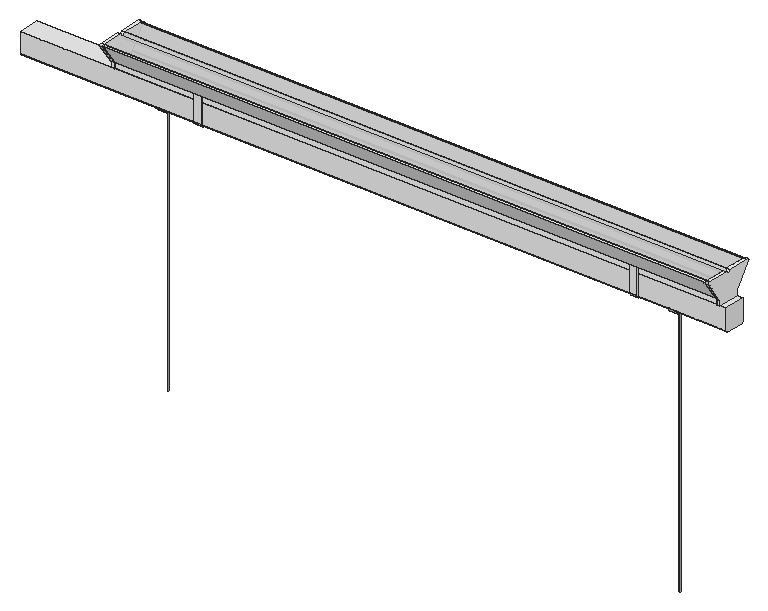
Revit family "0042289 Lighting Fixture_Sylvania_HSX Syl-Line_Ceiling Pendant", category Lighting Fixtures, host Face, Revit 2017
Family settings
  Host = Face
  Round Connector Dimension = Use Diameter
  Part Type = Normal
  OmniClass Number = 23.80.70.11.17
  OmniClass Title = Specialized Lighting by Location or Use
  Cut with Voids When Loaded = No
  Light Source = Yes
  Shared = No
  Room Calculation Point = No
Parameters (values of type "HSXSYL  LED NW DALI 1720 EM WB")
  Width = 164.0 mm
  Weight = 6.50 kg
  Wattage = 10.4516 W
  built-in parameter 1150110 = 1 (stored number, unit not read)
  Voltage Comments = "UNV (Universal Voltage; 220-240 Volt)"  # constant formula
  Voltage = 230 V  # constant formula
  URL = "http://www.sylvania-lighting.com"
  Trucking Material = Steel_Sylvania_HSX Syl-Line_White
  built-in parameter 1114217 = 1 (stored number, unit not read)
  Tilt Angle = -90.00°
  built-in parameter 1150109 = 1 (stored number, unit not read)
  built-in parameter 1150134 = 12
  Ta Rating = "-10°C to +25°C"  # constant formula
  T Class Min = -10 °C
  T Class Max = 25 °C
  built-in parameter 1150113 = 1 (stored number, unit not read)
  Product Page URL = "http://www.sylvania-lighting.com/product/en-int/products/0042289"
  Product Family = "HSX SYL-LINE"  # constant formula
  Photometry Comments = ""
  Photometric Web File = "0042289_HSXSYLLEDNWDALI1720EMWB-192721.ies"
  Mounting Material = Steel_Sylvania_HSX Syl-Line_White
  Mounting Height = 1000.0 mm
  Mounting Distance = Mounting Height - Height  # 832.5 mm
  Line End Right = 20.0 mm
  Line End Left = 300.0 mm
  Life = "50 000h"  # constant formula
  Length = 2000.0 mm
  LOR = "100%"
  Inrush Current (max. quantity per 16A C breaker) = "10"
  IP Rating = "IP20"  # constant formula
  IK Rating = "IK02"  # constant formula
  Height = 167.5 mm
  Glow Wire Test = 650 °C  # constant formula
  Emit from Line Length = Length - 20.0 mm  # 1980.0 mm
  Electrical Protection = "CLASS I"  # constant formula
  Drive Current = "350mA"
  built-in parameter 1114216 [instance] = 1 (stored number, unit not read)
  Cap Material = Plastic_Sylvania_HSX Syl-Line_White
  Model = "HSXSYL  LED NW DALI 1720 EM WB"
  Manufacturer = "Feilo Sylvania"
  built-in parameter 1150105 = 341.47 (stored number, unit not read)
  Lumens = 972 lm
  built-in parameter 1150115 = 1 (stored number, unit not read)
  built-in parameter 1150137 = (empty or 0)
  built-in parameter 1150139 = (empty or 0)
  built-in parameter 1150112 = 1 (stored number, unit not read)
  built-in parameter 1150114 = 1 (stored number, unit not read)
  Lamp = "Integrated LED"
  built-in parameter 1150132 = 2
  built-in parameter 1150102 = (empty or 0)
  built-in parameter 1150107 = 4000 (stored number, unit not read)
  built-in parameter 1150138 = (empty or 0)
  built-in parameter 1150106 = 3.4147 (stored number, unit not read)
  CRI (Ra) = "<80"
  Bracket Width = Width - 93.4 mm  # 70.6 mm
  Bracket Height = Height - 73.5 mm  # 94.0 mm
  Body Material = Plastic_Sylvania_HSX Syl-Line_White
  built-in parameter 1150104 = 8.64 (stored number, unit not read)
  Dimming Lamp Color Temperature Shift = <None>
  Diffuser Material = Polycarbonate_Sylvania_HSX Syl-Line_4000K
  Description = "72W and 75W LED surface and suspended luminaires HSX Syl-Line is perfect for retail, industry, manufacturing, airports or data centres Extended offering of alternative optics for Syl-Line trunking Available with a white sheet steel reflector and a PMMA Diffuser Available in 1,720mm (same length as standard Syl-Line gear trays and trunking) High performance: delivers 6,660lm (luminaire lumen output on 72W version), equating to 93lm/W (total system efficiency) Available in neutral white (4,000K) Integrated LED solution that has the same aesthetics as the fluorescent version (non dotting) Energy efficient electronic gear including Analogue 1-10V dimmable, DALI dimmable and 3 hour emergency versions as standard Ease of installation through the plug connector Innovative clip design allows quick and simple installation of the electrical unit (average installation time of the gear tray at just over a minute) Energy class: A++, A+, A Long lifetime: 50,000 hours life at 70% of the original output L70"  # constant formula
  Default Elevation = 0.0 mm
  Color Filter = 16777215
  Catalog Number = "0042289 HSXSYL  LED NW DALI 1720 EM WB"
  built-in parameter 1140040 [instance] = 1
  built-in parameter 1114218 = 1 (stored number, unit not read)
  built-in parameter 1150133 = 10 (stored number, unit not read)
  Assembly Code = "D5020200"
  Apparent Load = 75 VA
Reference planes
  plane 1 "Center (Front/Back)": y = 0
  plane 2 "Trucking Top": z = 838.5
  plane 3 "Center (Left/Right)": x = 0
  plane 4 "Fixture Bottom": z = 1000
  plane 5: y = 34.283
  plane 6: y = -34.283
  plane 7 "Fixture Left": x = -1000
  plane 8 "Fixture Right": x = 1000
  plane 9: x = 990
  plane 10: x = -990
  plane 11: y = -82
  plane 12: y = 82
  plane 13: z = 987.5
  plane 14: z = 931.5
  plane 15 "Trucking Bottom": z = 911
  plane 16: y = 38.283
  plane 17: y = -38.283
  plane 18: z = 993.039
  plane 19: y = 7.5
  plane 20: y = -7.5
  plane 21: x = -1300
  plane 22: x = 1020
  plane 23: x = 728
  plane 24: x = -728
  plane 25: x = 853
  plane 26: x = -853
  plane 27 "Fixture Top": z = 832.5
  plane 28: z = 0
Forms (mm)
  Extrusion 1, solid, material "Plastic_Sylvania_HSX Syl-Line_White" <- "Cap Material", detail levels fine
    sketch origin (0, 0, 0) x (0, 1, 0) y (0, 0, 1)
      loop
        line (38.283, 931.5) -> (81.006, 993.776)
        arc (81.006, 993.776) -> (81.229, 997.88) -> (77.707, 1000) r 3.986
        line (77.707, 1000) -> (7.5, 1000) -> (0, 987.5) -> (-7.5, 1000) -> (-77.707, 1000)
        arc (-77.707, 1000) -> (-81.229, 997.88) -> (-81.006, 993.776) r 3.986
        line (-81.006, 993.776) -> (-38.283, 931.5) -> (-34.283, 931.5) -> (-34.283, 911) -> (34.283, 911) -> (34.283, 931.5) -> (38.283, 931.5)
    from 990 to 1000
  Extrusion 2, solid, material "Plastic_Sylvania_HSX Syl-Line_White" <- "Cap Material", detail levels fine
    sketch origin (0, 0, 0) x (0, 1, 0) y (0, 0, 1)
      loop
        line (38.283, 931.5) -> (81.006, 993.776)
        arc (81.006, 993.776) -> (81.229, 997.88) -> (77.707, 1000) r 3.986
        line (77.707, 1000) -> (7.5, 1000) -> (0, 987.5) -> (-7.5, 1000) -> (-77.707, 1000)
        arc (-77.707, 1000) -> (-81.229, 997.88) -> (-81.006, 993.776) r 3.986
        line (-81.006, 993.776) -> (-38.283, 931.5) -> (-34.283, 931.5) -> (-34.283, 911) -> (34.283, 911) -> (34.283, 931.5) -> (38.283, 931.5)
    from -1000 to -990
  Extrusion 3, solid, material "Plastic_Sylvania_HSX Syl-Line_White" <- "Body Material", detail levels coarse+medium
    sketch origin (0, 0, 0) x (0, 1, 0) y (0, 0, 1)
      loop
        line (38.283, 931.5) -> (81.006, 993.776)
        arc (81.006, 993.776) -> (81.229, 997.88) -> (77.707, 1000) r 3.986
        line (77.707, 1000) -> (7.5, 1000) -> (0, 987.5) -> (-7.5, 1000) -> (-77.707, 1000)
        arc (-77.707, 1000) -> (-81.229, 997.88) -> (-81.006, 993.776) r 3.986
        line (-81.006, 993.776) -> (-38.283, 931.5) -> (-34.283, 931.5) -> (-34.283, 911) -> (34.283, 911) -> (34.283, 931.5) -> (38.283, 931.5)
    from -1000 to 990
  Extrusion 4, solid, material "Plastic_Sylvania_HSX Syl-Line_White" <- "Body Material", detail levels fine
    sketch origin (0, 0, 0) x (0, 1, 0) y (0, 0, 1)
      loop
        line (37.757, 932.5) -> (80.18, 994.339)
        arc (80.18, 994.339) -> (80.345, 997.413) -> (77.707, 999) r 2.986
        line (77.707, 999) -> (74, 999) -> (74, 998) -> (77.707, 998)
        arc (77.707, 998) -> (79.461, 996.946) -> (79.353, 994.902) r 1.986
        line (79.353, 994.902) -> (37.23, 933.5) -> (32.283, 933.5) -> (32.283, 912) -> (-32.283, 912) -> (-32.283, 933.5) -> (-37.23, 933.5) -> (-79.353, 994.902)
        arc (-79.353, 994.902) -> (-79.461, 996.946) -> (-77.707, 998) r 1.986
        line (-77.707, 998) -> (-74, 998) -> (-74, 999) -> (-77.707, 999)
        arc (-77.707, 999) -> (-80.345, 997.413) -> (-80.18, 994.339) r 2.986
        line (-80.18, 994.339) -> (-37.757, 932.5) -> (-33.283, 932.5) -> (-33.283, 911) -> (33.283, 911) -> (33.283, 932.5) -> (37.757, 932.5)
    from -990 to 990
  Extrusion 5, solid, material "Polycarbonate_Sylvania_HSX Syl-Line_4000K" <- "Diffuser Material", detail levels fine
    sketch origin (0, 0, 0) x (0, 1, 0) y (0, 0, 1)
      loop
        line (74, 999) -> (8.066, 999) -> (0, 985.556) -> (-8.066, 999) -> (-74, 999) -> (-74, 998) -> (-8.632, 998) -> (0, 983.613) -> (8.632, 998) -> (74, 998) -> (74, 999)
    from -990 to 990
  Extrusion 6, solid, material "Steel_Sylvania_HSX Syl-Line_White" <- "Trucking Material"
    sketch origin (0, 0, 0) x (0, 1, 0) y (0, 0, 1)
      loop
        line (34.283, 844.5) -> (34.283, 911) -> (-34.283, 911) -> (-34.283, 844.5) -> (-28.283, 838.5) -> (28.283, 838.5) -> (34.283, 844.5)
    from -1300 to 1020
Lines and regions (mm)
  model lines, detail levels coarse+medium
    curve 1: line (-840.5, 0, 838.5) -> (-840.5, 0, 0)
    curve 2: line (840.5, 0, 838.5) -> (840.5, 0, 0)
Dimensions and locks
  equal spacing: plane 7 "Fixture Left", plane 3 "Center (Left/Right)", plane 8 "Fixture Right"
  "Length": plane 7 "Fixture Left" to plane 8 "Fixture Right"
  locked: plane 7 "Fixture Left" to plane 10 at 10
  locked: plane 9 to plane 8 "Fixture Right" at 10
  equal spacing: plane 12, plane 1 "Center (Front/Back)", plane 11
  "Width": plane 12 to plane 11
  plane 15 "Trucking Bottom" to plane 14 to plane 13 to plane 18 to plane 4 "Fixture Bottom" = 20.5 mm locked, 56.0 mm locked, 5.539 mm locked, 6.961 mm locked
  plane 12 to plane 16 to plane 5 to plane 19 = 43.717 mm locked, 4.0 mm locked, 26.783 mm locked
  plane 11 to plane 17 to plane 6 to plane 20 = 43.717 mm locked, 4.0 mm locked, 26.783 mm locked
  locked: Extrusion 5 sketch curve to plane 11 at 8
  locked: plane 12 to Extrusion 5 sketch curve at 8
  locked: Extrusion 4 sketch curve to plane 11 at 8
  locked: plane 12 to Extrusion 4 sketch curve at 8
  locked: Extrusion 6 sketch curve to plane 2 "Trucking Top" at 6  (x2)
  locked: Extrusion 6 sketch curve to plane 6 at 6
  locked: plane 5 to Extrusion 6 sketch curve at 6
  "Line End Left": plane 21 to plane 7 "Fixture Left"
  "Line End Right": plane 8 "Fixture Right" to plane 22
  plane 23 to plane 25 to plane 9 = 125.0 mm locked, 137.0 mm locked
  plane 10 to plane 26 to plane 24 = 137.0 mm locked, 125.0 mm locked
  locked: plane 2 "Trucking Top" to plane 27 "Fixture Top" at 6
  "Height": plane 27 "Fixture Top" to plane 4 "Fixture Bottom"
  "Mounting Height": plane 28 to plane 4 "Fixture Bottom"
  aligned and locked: level to host face
  aligned and locked: imposter light to plane 1 "Center (Front/Back)"
  aligned and locked: plane 3 "Center (Left/Right)" to imposter light
  aligned and locked: imposter light to plane 4 "Fixture Bottom"
  aligned and locked: plane 14 to Extrusion 1 sketch curve
  aligned and locked: Extrusion 1 sketch curve to plane 16
  aligned and locked: plane 15 "Trucking Bottom" to Extrusion 1 sketch curve
  aligned and locked: Extrusion 1 sketch curve to plane 5
  aligned and locked: Extrusion 1 sketch curve to plane 6
  aligned and locked: Extrusion 1 sketch curve to plane 14
  aligned and locked: plane 1 "Center (Front/Back)" to Extrusion 1 sketch curve
  aligned and locked: plane 13 to Extrusion 1 sketch curve
  aligned and locked: plane 4 "Fixture Bottom" to Extrusion 1 sketch curve  (x2)
  aligned and locked: Extrusion 1 sketch curve to plane 19
  aligned and locked: plane 20 to Extrusion 1 sketch curve
  aligned and locked: Extrusion 1 to plane 8 "Fixture Right"
  aligned and locked: plane 9 to Extrusion 1
  aligned and locked: Extrusion 2 to plane 7 "Fixture Left"
  aligned and locked: plane 10 to Extrusion 2
  aligned and locked: Extrusion 3 to plane 7 "Fixture Left"
  aligned and locked: plane 15 "Trucking Bottom" to Extrusion 4 sketch curve
  aligned and locked: Extrusion 4 to plane 9
  aligned and locked: Extrusion 4 to plane 10
  aligned and locked: plane 5 to Extrusion 6 sketch curve
  aligned and locked: plane 6 to Extrusion 6 sketch curve
  aligned and locked: plane 2 "Trucking Top" to Extrusion 6 sketch curve
  aligned and locked: plane 15 "Trucking Bottom" to Extrusion 6 sketch curve
  aligned and locked: Extrusion 6 to plane 21
  aligned and locked: Extrusion 6 to plane 22
  aligned and locked: plane 1 "Center (Front/Back)" to nested 1
  aligned and locked: nested 1 to plane 14
  aligned and locked: plane 23 to nested 1
  aligned and locked: Extrusion 3 to plane 9
  aligned and locked: Extrusion 5 to plane 9
  aligned and locked: Extrusion 5 to plane 10
  aligned and locked: plane 24 to nested 2
  aligned and locked: nested 1 to plane 23
  aligned and locked: plane 2 "Trucking Top" to nested 2
  aligned and locked: plane 25 to nested 3
  aligned and locked: plane 26 to nested 4
  aligned and locked: plane 27 "Fixture Top" to nested 4
  aligned and locked: plane 27 "Fixture Top" to nested 3
  aligned and locked: plane 28 to level
  aligned and locked: level to curve 1
  aligned and locked: plane 2 "Trucking Top" to curve 1
  aligned and locked: curve 1 to plane 1 "Center (Front/Back)"
  aligned and locked: nested 3 to curve 2
  aligned and locked: plane 2 "Trucking Top" to curve 2
  aligned and locked: plane 28 to curve 2
Automatic sketch dimensions
  host sketch curve to host sketch curve = 2549.992 mm
  host sketch curve to host sketch curve = 1283.632 mm
  Extrusion 1 sketch curve to plane 17 = 0.0 mm
  Extrusion 1 sketch curve to plane 18 = 0.737 mm  (x2)
  Extrusion 1 sketch curve to plane 11 = 4.293 mm
  Extrusion 1 sketch curve to plane 11 = 0.994 mm
  Extrusion 1 sketch curve to plane 12 = 4.293 mm
  Extrusion 1 sketch curve to plane 12 = 0.994 mm
  plane 4 "Fixture Bottom" to Extrusion 2 sketch curve = 0.0 mm  (x2)
  plane 14 to Extrusion 2 sketch curve = 0.0 mm  (x2)
  Extrusion 2 sketch curve to plane 17 = 0.0 mm
  Extrusion 2 sketch curve to plane 6 = 0.0 mm
  Extrusion 2 sketch curve to plane 20 = 0.0 mm
  Extrusion 2 sketch curve to plane 1 "Center (Front/Back)" = 0.0 mm
  Extrusion 2 sketch curve to plane 19 = 0.0 mm
  Extrusion 2 sketch curve to plane 5 = 0.0 mm
  Extrusion 2 sketch curve to plane 16 = 0.0 mm
  plane 15 "Trucking Bottom" to Extrusion 2 sketch curve = 0.0 mm
  Extrusion 2 sketch curve to plane 13 = 0.0 mm
  Extrusion 2 sketch curve to plane 11 = 4.293 mm
  Extrusion 2 sketch curve to plane 18 = 0.737 mm  (x2)
  Extrusion 2 sketch curve to plane 11 = 0.994 mm
  Extrusion 2 sketch curve to plane 12 = 4.293 mm
  Extrusion 2 sketch curve to plane 12 = 0.994 mm
  plane 4 "Fixture Bottom" to Extrusion 3 sketch curve = 0.0 mm  (x2)
  plane 14 to Extrusion 3 sketch curve = 0.0 mm  (x2)
  Extrusion 3 sketch curve to plane 17 = 0.0 mm
  Extrusion 3 sketch curve to plane 6 = 0.0 mm
  Extrusion 3 sketch curve to plane 20 = 0.0 mm
  Extrusion 3 sketch curve to plane 1 "Center (Front/Back)" = 0.0 mm
  Extrusion 3 sketch curve to plane 19 = 0.0 mm
  Extrusion 3 sketch curve to plane 5 = 0.0 mm
  Extrusion 3 sketch curve to plane 16 = 0.0 mm
  plane 15 "Trucking Bottom" to Extrusion 3 sketch curve = 0.0 mm
  Extrusion 3 sketch curve to plane 13 = 0.0 mm
  Extrusion 3 sketch curve to plane 11 = 4.293 mm
  Extrusion 3 sketch curve to plane 18 = 0.737 mm  (x2)
  Extrusion 3 sketch curve to plane 11 = 0.994 mm
  Extrusion 3 sketch curve to plane 12 = 4.293 mm
  Extrusion 3 sketch curve to plane 12 = 0.994 mm
  Extrusion 4 sketch curve to plane 14 = 1.0 mm  (x2)
  Extrusion 4 sketch curve to plane 16 = 0.527 mm
  plane 4 "Fixture Bottom" to Extrusion 4 sketch curve = 1.0 mm  (x2)
  Extrusion 4 sketch curve to plane 17 = 0.527 mm
  plane 6 to Extrusion 4 sketch curve = 1.0 mm
  Extrusion 4 sketch curve to plane 5 = 1.0 mm
  Extrusion 4 sketch curve to plane 11 = 1.82 mm
  Extrusion 4 sketch curve to plane 18 = 1.301 mm  (x2)
  Extrusion 4 sketch curve to plane 12 = 1.82 mm
  Extrusion 4 sketch curve to Extrusion 4 sketch curve = 0.527 mm  (x2)
  Extrusion 4 sketch curve to Extrusion 4 sketch curve = 0.826 mm  (x2)
  Extrusion 4 sketch curve to Extrusion 4 sketch curve = 0.563 mm  (x2)
  Extrusion 4 sketch curve to Extrusion 4 sketch curve = 0.0 mm  (x4)
  Extrusion 4 sketch curve to Extrusion 4 sketch curve = 1.0 mm  (x4)
  Extrusion 4 sketch curve to plane 15 "Trucking Bottom" = 1.0 mm
  Extrusion 5 sketch curve to plane 1 "Center (Front/Back)" = 0.0 mm  (x2)
  plane 20 to Extrusion 5 sketch curve = 0.566 mm
  plane 20 to Extrusion 5 sketch curve = 1.132 mm
  plane 19 to Extrusion 5 sketch curve = 0.566 mm
  plane 19 to Extrusion 5 sketch curve = 1.132 mm
  plane 4 "Fixture Bottom" to Extrusion 5 sketch curve = 2.0 mm  (x2)
  Extrusion 5 sketch curve to plane 13 = 3.887 mm
  Extrusion 5 sketch curve to Extrusion 5 sketch curve = 1.944 mm
  plane 4 "Fixture Bottom" to Extrusion 5 sketch curve = 1.0 mm  (x2)
  plane 4 "Fixture Bottom" to Extrusion 4 sketch curve = 2.0 mm  (x2)
  curve 1 to plane 27 "Fixture Top" = 6.0 mm
  curve 1 to level = 0.0 mm
Nested families
  nested 1: "Mounting Bracket" at (703, 0, 931.5) x (0, -1, 0) z (0, 0, -1), type "Mounting Bracket", detail levels fine
  nested 2: "Mounting Bracket" at (-728, 0, 931.5) x (0, -1, 0) z (0, 0, -1), type "Mounting Bracket", detail levels fine
  nested 3: "Top Mounting Bracket" at (853, 0, 845.5) x (0, 1, 0) z (0, 0, -1), type "Top Mounting Bracket", detail levels fine
    with Mounting Distance 832.5 mm
  nested 4: "Top Mounting Bracket" at (-828, 0, 845.5) x (0, 1, 0) z (0, 0, -1), type "Top Mounting Bracket", detail levels fine
    with Mounting Distance 832.5 mm
Connectors
  electrical at (-1300, 0, 864.667), driven by "Voltage", driven by "Apparent Load"
    settings: on Extrusion 6, index 1, voltage 230 V, apparent load 0 VA, apparent load phase1 75 VA, apparent load phase2 0 VA, apparent load phase3 0 VA, power factor 1, load classification "Lighting", number of poles 1, system type 31, power factor state 1, is connector primary yes, connector utility no, sub classification motor no, connector description ""
Definition of nested family "Mounting Bracket"
  Parameters
    Mounting Material = none
    Length = 25.0 mm
    Height = 94.0 mm
    Width = 70.6 mm
    Default Elevation = 0.0 mm
  Reference planes
    plane 1 "Center (Front/Back)": y = 0
    plane 2: z = 0
    plane 3 "Center (Left/Right)": x = 0
    plane 4: x = -35.3
    plane 5: x = 35.3
    plane 6: y = -25
    plane 7: y = -12.5
    plane 8: z = 94
  Forms (mm)
    Extrusion 1, solid, material <- "Mounting Material"
      sketch origin (0, 0, 0) x (1, 0, 0) y (0, 0, 1)
        loop
          line (35.3, 87.5) -> (28.8, 94) -> (20.3, 94) -> (20.3, 93) -> (28.386, 93) -> (34.3, 87.086) -> (34.3, 0) -> (35.3, 0) -> (35.3, 87.5)
        loop
          line (-35.3, 87.5) -> (-35.3, 0) -> (-34.3, 0) -> (-34.3, 87.086) -> (-28.386, 93) -> (-20.3, 93) -> (-20.3, 94) -> (-28.8, 94) -> (-35.3, 87.5)
      from 0 to 25
  Dimensions and locks
    equal spacing: plane 5, plane 3 "Center (Left/Right)", plane 4
    "Width": plane 5 to plane 4
    "Length": plane 6 to plane 1 "Center (Front/Back)"
    equal spacing: plane 6, plane 7, plane 1 "Center (Front/Back)"
    "Height": plane 8 to plane 2
    locked: plane 8 to Extrusion 1 sketch curve at 1
    locked: plane 8 to Extrusion 1 sketch curve at 6.5  (x2)
    locked: Extrusion 1 sketch curve to plane 4 at 6.5
    locked: plane 5 to Extrusion 1 sketch curve at 6.5
    locked: Extrusion 1 sketch curve to plane 4 at 1
    locked: plane 5 to Extrusion 1 sketch curve at 1
    locked: Extrusion 1 sketch curve to plane 4 at 15
    locked: plane 5 to Extrusion 1 sketch curve at 15
    aligned and locked: level to plane 2
    aligned and locked: Extrusion 1 to plane 6
    aligned and locked: Extrusion 1 sketch curve to plane 8
    aligned and locked: Extrusion 1 sketch curve to plane 4
    aligned and locked: Extrusion 1 sketch curve to plane 5
  Automatic sketch dimensions
    Extrusion 1 sketch curve to level = 0.0 mm  (x2)
    plane 4 to Extrusion 1 sketch curve = 6.914 mm
    Extrusion 1 sketch curve to Extrusion 1 sketch curve = 0.414 mm  (x3)
    plane 8 to Extrusion 1 sketch curve = 0.0 mm
    Extrusion 1 sketch curve to plane 8 = 1.0 mm
Definition of nested family "Top Mounting Bracket"
  Parameters
    Mounting Material = none
    Mounting Distance = 500.0 mm
    Length = 25.0 mm
    Height = 13.0 mm
    Width = 70.6 mm
    Default Elevation = 0.0 mm
  Reference planes
    plane 1 "Center (Front/Back)": y = 0
    plane 2: z = 0
    plane 3 "Center (Left/Right)": x = 0
    plane 4: x = -35.3
    plane 5: x = 35.3
    plane 6: y = -25
    plane 7: y = -12.5
    plane 8: z = 13
    plane 9: z = 513
  Forms (mm)
    Extrusion 1, solid, material <- "Mounting Material"
      sketch origin (0, 0, 0) x (1, 0, 0) y (0, 0, 1)
        loop
          line (35.3, 1.5) -> (23.8, 13) -> (-23.8, 13) -> (-35.3, 1.5) -> (-35.3, 0) -> (-34.3, 0) -> (-34.3, 1.086) -> (-23.386, 12) -> (23.386, 12) -> (34.3, 1.086) -> (34.3, 0) -> (35.3, 0) -> (35.3, 1.5)
      from 0 to 25
    Extrusion 2, solid
      sketch origin (0, 0, 0) x (1, 0, 0) y (0, 1, 0)
        loop
          circle (0, -12.5) r 2
      from 13 to 513
  Dimensions and locks
    equal spacing: plane 5, plane 3 "Center (Left/Right)", plane 4
    "Width": plane 5 to plane 4
    "Length": plane 6 to plane 1 "Center (Front/Back)"
    equal spacing: plane 6, plane 7, plane 1 "Center (Front/Back)"
    plane 8 to Extrusion 1 sketch curve = 13.0 mm
    locked: Extrusion 1 sketch curve to plane 4 at 11.5
    locked: plane 5 to Extrusion 1 sketch curve at 11.5
    "Height": plane 8 to level
    "Mounting Distance": plane 9 to plane 8
    aligned and locked: level to plane 2
    aligned and locked: Extrusion 1 to plane 6
    aligned and locked: Extrusion 1 sketch curve to plane 4
    aligned and locked: Extrusion 1 sketch curve to plane 5
    aligned and locked: Extrusion 1 sketch curve to plane 8
    aligned and locked: Extrusion 1 sketch curve to Extrusion 1 sketch curve
    aligned and locked: plane 9 to Extrusion 2
    aligned and locked: Extrusion 2 to Extrusion 1
  Automatic sketch dimensions
    plane 4 to Extrusion 1 sketch curve = 1.0 mm
    Extrusion 1 sketch curve to Extrusion 1 sketch curve = 0.414 mm  (x4)
    Extrusion 1 sketch curve to plane 5 = 1.0 mm
    Extrusion 1 sketch curve to Extrusion 1 sketch curve = 1.086 mm
    Extrusion 1 sketch curve to plane 8 = 1.0 mm
    Extrusion 1 sketch curve to plane 8 = 11.914 mm
    Extrusion 2 sketch curve to plane 3 "Center (Left/Right)" = 0.0 mm
    plane 7 to Extrusion 2 sketch curve = 0.0 mm
    radius of Extrusion 2 sketch curve = 2.0 mm
